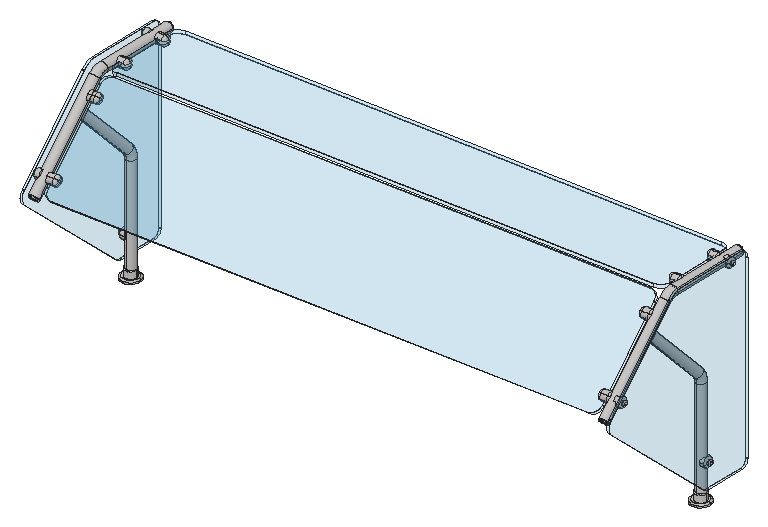
Revit family "QF_ENGLISH_M-120", category Casework, Revit 2018
Family settings
  Work Plane-Based = No
  Always vertical = Yes
  Cut with Voids When Loaded = No
  Shared = No
  Room Calculation Point = No
Parameters
  Weight in Pounds = 0
  URL Cutsheet = ""
  Type Mark [instance] = ""
  Status [instance] = ""
  Specification by User [instance] = ""
  Specification by Manufacturer = ""
  Show Right Glass [instance] = yes
  Show Left Glass [instance] = yes
  Serial Number = ""
  Seismic Rating = ""
  SMACNA No = ""
  Revision Code [instance] = ""
  RS Symbolic [instance] = not(Show Right Glass)  # no
  Omniclass Number and Title = ""
  NAFEM Spec ID Number = ""
  Model = "M-120"
  Masterspec = ""
  Manufacturer = "ENGLISH MFG. INC."
  Length [instance] = 60"
  LS Symbolic [instance] = not(Show Left Glass)  # no
  Item Number [instance] = ""
  Installed By [instance] = ""
  Identify Quantity as Lot [instance] = yes
  H Code [instance] = 22"  # constant formula
  H [instance] = H Code - 1 1/2"  # 20 1/2"
  Glass Thickness [instance] = 3/8"
  Glass Material [instance] = Glass
  Furnished By [instance] = ""
  Foodservice Equipment Identifier [instance] = yes
  Description = "MATRIX SERIES"
  Depth [instance] = 12 197/256"  # constant formula
  CSI MasterFormat = ""
  CSI Master Format = ""
  Assembly Code = ""
Reference planes (in)
  plane 1 "BACK": y = 0
  plane 2: z = 0
  plane 3 "LEFT": x = 0
  plane 4 "RIGHT": x = 60
  plane 5 "FRONT": y = -13
  plane 6 "TOP": z = 22
  plane 7 "Center Y": x = 30
  plane 8 "Center X": y = -6.5
Forms (in)
  Revolve 1, solid, material "QF_Finishes_Stainless Steel"
    sketch origin (0, -6.5, 0) x (1, 0, 0) y (0, 0, 1)
      loop
        line (0, 0) -> (0, 1) -> (-0.53494, 1)
        arc (-0.53494, 1) -> (-0.57913, 0.98169) -> (-0.5975, 0.9375) r 0.0625
        line (-0.5975, 0.9375) -> (-0.5975, 0.25) -> (-0.87489, 0.25)
        arc (-0.87489, 0.25) -> (-0.96328, 0.21339) -> (-1, 0.125) r 0.125
        line (-1, 0.125) -> (-1, 0) -> (0, 0)
      axis (0, 1) -> (0, 0)
    angle from 0 to 360
  Extrusion 2, solid, material "QF_Finishes_Stainless Steel", visible <- "Show Left Glass"
    sketch origin (-0.75, -6.50406, -0.11345) x (0, -1, 0) y (0, 0, 1)
      loop
        circle (-0.00406, 4.11345) r 0.125
      loop
        circle (-3.00477, 21.61345) r 0.125
      loop
        circle (11.24418, 14.66046) r 0.125
    from 0 to 0.375 <- "Glass Thickness"
  Revolve 3, solid, material "QF_Finishes_Stainless Steel"
    sketch origin (75.11626, -6.5, 0) x (1, 0, 0) y (0, 0, 1)
      loop
        line (-15.11626, 0) -> (-15.11626, 1) -> (-15.6512, 1)
        arc (-15.6512, 1) -> (-15.69539, 0.98169) -> (-15.71376, 0.9375) r 0.0625
        line (-15.71376, 0.9375) -> (-15.71376, 0.25) -> (-15.99114, 0.25)
        arc (-15.99114, 0.25) -> (-16.07953, 0.21339) -> (-16.11625, 0.125) r 0.125
        line (-16.11625, 0.125) -> (-16.11625, 0) -> (-15.11626, 0)
      axis (-15.11626, 1) -> (-15.11626, 0)
    angle from 0 to 360
  Extrusion 4, solid, material "Glass" <- "Glass Material", visible <- "Show Left Glass"
    sketch origin (0, 0, 0) x (0, 1, 0) y (0, 0, 1)
      loop
        arc (-10.22386, 22.125) -> (-10.98923, 21.97276) -> (-11.63807, 21.53921) r 2
        line (-11.63807, 21.53921) -> (-19.47443, 13.70286)
        arc (-19.47443, 13.70286) -> (-19.76812, 12.96832) -> (-19.43623, 12.25024) r 1
        line (-19.43623, 12.25024) -> (-7.27088, 1.7432)
        arc (-7.27088, 1.7432) -> (-6.96594, 1.56277) -> (-6.61723, 1.5) r 1
        line (-6.61723, 1.5) -> (-2.19829, 1.5)
        arc (-2.19829, 1.5) -> (-1.70402, 1.70473) -> (-1.49929, 2.19899) r 0.69899
        line (-1.49929, 2.19899) -> (-1.49929, 21.1252)
        arc (-1.49929, 21.1252) -> (-1.79213, 21.83217) -> (-2.49909, 22.125) r 0.9998
        line (-2.49909, 22.125) -> (-10.22386, 22.125)
    from -0.75 to -1
  Extrusion 5, solid, material "Glass" <- "Glass Material"
    sketch origin (0.69887, -17.15752, 14.87256) x (0, -0.707107, -0.707107) y (1, 0, 0)
      loop
        arc (1.52316, 0.05113) -> (2.23027, 0.34403) -> (2.52316, 1.05113) r 1
        line (2.52316, 1.05113) -> (2.52316, 57.55113)
        arc (2.52316, 57.55113) -> (2.23027, 58.25823) -> (1.52316, 58.55113) r 1
        line (1.52316, 58.55113) -> (-8.10184, 58.55113)
        arc (-8.10184, 58.55113) -> (-8.80894, 58.25823) -> (-9.10184, 57.55113) r 1
        line (-9.10184, 57.55113) -> (-9.10184, 1.05113)
        arc (-9.10184, 1.05113) -> (-8.80894, 0.34403) -> (-8.10184, 0.05113) r 1
        line (-8.10184, 0.05113) -> (1.52316, 0.05113)
    from 0 to 0.375 <- "Glass Thickness"
  Extrusion 6, solid, material "Glass" <- "Glass Material", visible <- "Show Right Glass"
    sketch origin (60, 0, 0) x (0, -1, 0) y (0, 0, 1)
      loop
        line (10.22386, 22.125) -> (2.49909, 22.125)
        arc (2.49909, 22.125) -> (1.79213, 21.83217) -> (1.49929, 21.1252) r 0.9998
        line (1.49929, 21.1252) -> (1.49929, 2.19899)
        arc (1.49929, 2.19899) -> (1.70402, 1.70473) -> (2.19829, 1.5) r 0.69899
        line (2.19829, 1.5) -> (6.61723, 1.5)
        arc (6.61723, 1.5) -> (6.96594, 1.56277) -> (7.27088, 1.7432) r 1
        line (7.27088, 1.7432) -> (19.43623, 12.25024)
        arc (19.43623, 12.25024) -> (19.76812, 12.96832) -> (19.47443, 13.70286) r 1
        line (19.47443, 13.70286) -> (11.63807, 21.53921)
        arc (11.63807, 21.53921) -> (10.98923, 21.97276) -> (10.22386, 22.125) r 2
    from -0.75 to -1
  Extrusion 7, solid, material "Glass"
    sketch origin (0, -6.5, 0) x (1, 0, 0) y (0, 1, 0)
      loop
        arc (1.75, 5.00071) -> (1.0429, 4.70781) -> (0.75, 4.00071) r 1
        line (0.75, 4.00071) -> (0.75, -2.99929)
        arc (0.75, -2.99929) -> (1.0429, -3.7064) -> (1.75, -3.99929) r 1
        line (1.75, -3.99929) -> (58.25, -3.99929)
        arc (58.25, -3.99929) -> (58.9571, -3.7064) -> (59.25, -2.99929) r 1
        line (59.25, -2.99929) -> (59.25, 4.00071)
        arc (59.25, 4.00071) -> (58.9571, 4.70781) -> (58.25, 5.00071) r 1
        line (58.25, 5.00071) -> (1.75, 5.00071)
    from 21.3125 to 21.6875
Lines and regions (in)
  symbolic lines
    curve 1: arc (0.5, -6.5, 0) -> (0, -6, 0) -> (-0.5, -6.5, 0) r 0.5
    curve 2: arc (-0.75, -7.16523, 0) -> (-0.63325, -7.2772, 0) -> (-0.5, -7.36893, 0) r 1.00252
    curve 3: arc (0.5, -7.36893, 0) -> (1.00252, -6.5, 0) -> (0.5, -5.63107, 0) r 1.00252
    curve 4: arc (-0.5, -19.26953, 0) -> (0, -19.62308, 0) -> (0.5, -19.26953, 0) r 0.53033
    curve 9: arc (59.5, -6.5, 0) -> (60, -6, 0) -> (60.5, -6.5, 0) r 0.5
    curve 10: arc (60.75, -7.16523, 0) -> (60.63325, -7.2772, 0) -> (60.5, -7.36893, 0) r 1.00252
    curve 13: line (59.5, -6.5, 0) -> (59.5, -9.4559, 0)
    curve 14: line (60.5, -19.26953, 0) -> (60.5, -6.5, 0)
    curve 15: arc (59.5, -7.36893, 0) -> (58.99753, -6.49027, 0) -> (59.51696, -5.62153, 0) r 1.00252
    curve 16: arc (60.5, -19.26953, 0) -> (60, -19.62308, 0) -> (59.5, -19.26953, 0) r 0.53033
    curve 17: line (59.5, -18.24824, 0) -> (59.5, -19.26953, 0)
    curve 18: line (59.5, -12.8568, 0) -> (59.5, -17.8528, 0)
    curve 47: line (0.49809, -11.8568, 0) -> (0.75, -11.8568, 0)
    curve 48: line (0.75, -12.16163, 0) -> (1.23981, -12.16163, 0)
    curve 49: line (0.49809, -12.8568, 0) -> (1.18878, -12.8568, 0)
    curve 50: line (1.49809, -12.4199, 0) -> (1.49809, -12.54749, 0)
    curve 51: arc (1.23981, -12.16163, 0) -> (1.42244, -12.23727, 0) -> (1.49809, -12.4199, 0) r 0.25827
    curve 52: arc (1.18878, -12.8568, 0) -> (1.40749, -12.76621, 0) -> (1.49809, -12.54749, 0) r 0.30931
    curve 53: line (59.50191, -11.8568, 0) -> (59.25, -11.8568, 0)
    curve 54: line (59.25, -12.16163, 0) -> (58.76019, -12.16163, 0)
    curve 55: line (59.5, -12.8568, 0) -> (58.81122, -12.8568, 0)
    curve 56: line (58.50191, -12.4199, 0) -> (58.50191, -12.54749, 0)
    curve 57: arc (58.76019, -12.16163, 0) -> (58.57756, -12.23727, 0) -> (58.50191, -12.4199, 0) r 0.25827
    curve 58: arc (58.81122, -12.8568, 0) -> (58.59251, -12.76621, 0) -> (58.50191, -12.54749, 0) r 0.30931
    curve 59: line (0.49809, -17.24824, 0) -> (0.75, -17.24824, 0)
    curve 60: line (0.75, -17.55307, 0) -> (1.23981, -17.55307, 0)
    curve 61: line (0.49809, -18.24824, 0) -> (1.18878, -18.24824, 0)
    curve 62: line (1.49809, -17.81134, 0) -> (1.49809, -17.93894, 0)
    curve 63: arc (1.23981, -17.55307, 0) -> (1.42244, -17.62872, 0) -> (1.49809, -17.81134, 0) r 0.25827
    curve 64: arc (1.18878, -18.24824, 0) -> (1.40749, -18.15765, 0) -> (1.49809, -17.93894, 0) r 0.30931
    curve 65: line (59.5, -17.24824, 0) -> (59.25, -17.24824, 0)
    curve 66: line (59.25, -17.55307, 0) -> (58.76019, -17.55307, 0)
    curve 67: line (59.5, -18.24824, 0) -> (58.81122, -18.24824, 0)
    curve 68: line (58.50191, -17.81134, 0) -> (58.50191, -17.93894, 0)
    curve 69: arc (58.76019, -17.55307, 0) -> (58.57756, -17.62872, 0) -> (58.50191, -17.81134, 0) r 0.25827
    curve 70: arc (58.81122, -18.24824, 0) -> (58.59251, -18.15765, 0) -> (58.50191, -17.93894, 0) r 0.30931
    curve 75: arc (-0.5, -5.63107, 0) -> (-0.63325, -5.7228, 0) -> (-0.75, -5.83477, 0) r 1.00252
    curve 76: arc (60.5, -5.63107, 0) -> (60.63324, -5.7228, 0) -> (60.75, -5.83477, 0) r 1.00252
  symbolic lines, visible <- "Show Left Glass"
    curve 5: line (-0.75, -2.99719, 0) -> (-0.5, -2.99719, 0)
    curve 6: line (-0.75, -3.99719, 0) -> (-0.5, -3.99719, 0)
    curve 7: line (-0.75, -17.2472, 0) -> (-0.5, -17.2472, 0)
    curve 8: line (-0.75, -18.50125, 0) -> (-0.5, -18.50125, 0)
    curve 21: line (-0.75, -6, 0) -> (-0.5, -6, 0)
    curve 22: line (-0.75, -7, 0) -> (-0.5, -7, 0)
  symbolic lines, visible <- "Show Right Glass"
    curve 11: line (60.5, -6, 0) -> (60.75, -6, 0)
    curve 12: line (60.75, -6.99748, 0) -> (60.5, -6.99748, 0)
    curve 71: line (60.75, -17.24824, 0) -> (60.5, -17.24824, 0)
    curve 72: line (60.75, -18.24824, 0) -> (60.5, -18.24824, 0)
    curve 73: line (60.75, -2.99836, 0) -> (60.5, -2.99836, 0)
    curve 74: line (60.75, -3.99836, 0) -> (60.5, -3.99836, 0)
  symbolic lines, visible <- "LS Symbolic"
    curve 19: arc (-0.75, -5.83477, 0) -> (-1.00252, -6.5, 0) -> (-0.75, -7.16523, 0) r 1.00252
  symbolic lines, visible <- "RS Symbolic"
    curve 20: arc (60.75, -5.83477, 0) -> (61.00252, -6.5, 0) -> (60.75, -7.16523, 0) r 1.00252
  symbolic lines, style "CaseworkHiddenLines"
    curve 23: line (58.25, -1.49929, 0) -> (1.75, -1.49929, 0)
    curve 24: arc (1.75, -1.49929, 0) -> (1.0429, -1.79219, 0) -> (0.75, -2.49929, 0) r 1
    curve 25: line (0.75, -2.49929, 0) -> (0.75, -3.03578, 0)
    curve 26: arc (59.25, -2.49929, 0) -> (58.9571, -1.79219, 0) -> (58.25, -1.49929, 0) r 1
    curve 27: line (59.25, -9.49929, 0) -> (59.25, -8.96281, 0)
    curve 28: arc (58.25, -10.49929, 0) -> (58.9571, -10.2064, 0) -> (59.25, -9.49929, 0) r 1
    curve 29: line (1.75, -10.49929, 0) -> (58.25, -10.49929, 0)
    curve 30: arc (0.75, -9.49929, 0) -> (1.0429, -10.2064, 0) -> (1.75, -10.49929, 0) r 1
    curve 31: spline (1.75, -10.98671, 0) -> (1.61948, -10.99276, 0) -> (1.49118, -11.01081, 0) -> (1.36732, -11.04054, 0) -> (1.25, -11.08145, 0) -> (1.14124, -11.13283, 0) -> (1.0429, -11.19382, 0) -> (0.95665, -11.26336, 0) -> (0.88398, -11.34027, 0) -> (0.82612, -11.42322, 0) -> (0.78408, -11.51081, 0) -> (0.75856, -11.60152, 0) -> (0.75, -11.69382, 0)
    curve 32: line (58.25, -10.98671, 0) -> (1.75, -10.98671, 0)
    curve 33: line (0.75, -11.69382, 0) -> (0.75, -12.16163, 0)
    curve 34: spline (0.75, -18.49972, 0) -> (0.75856, -18.59202, 0) -> (0.78408, -18.68273, 0) -> (0.82612, -18.77032, 0) -> (0.88398, -18.85328, 0) -> (0.95665, -18.93018, 0) -> (1.0429, -18.99972, 0) -> (1.14124, -19.06071, 0) -> (1.25, -19.11209, 0) -> (1.36732, -19.153, 0) -> (1.49118, -19.18273, 0) -> (1.61948, -19.20078, 0) -> (1.75, -19.20683, 0)
    curve 35: line (1.75, -19.20683, 0) -> (58.25, -19.20683, 0)
    curve 36: spline (58.25, -19.20683, 0) -> (58.38052, -19.20078, 0) -> (58.50882, -19.18273, 0) -> (58.63268, -19.153, 0) -> (58.75, -19.11209, 0) -> (58.85876, -19.06071, 0) -> (58.9571, -18.99972, 0) -> (59.04335, -18.93018, 0) -> (59.11602, -18.85328, 0) -> (59.17388, -18.77032, 0) -> (59.21592, -18.68273, 0) -> (59.24144, -18.59202, 0) -> (59.25, -18.49972, 0)
    curve 37: line (59.25, -18.49972, 0) -> (59.25, -18.23456, 0)
    curve 38: spline (59.25, -11.69382, 0) -> (59.24144, -11.60152, 0) -> (59.21592, -11.51081, 0) -> (59.17388, -11.42322, 0) -> (59.11602, -11.34027, 0) -> (59.04335, -11.26336, 0) -> (58.9571, -11.19382, 0) -> (58.85876, -11.13283, 0) -> (58.75, -11.08145, 0) -> (58.63268, -11.04054, 0) -> (58.50882, -11.01081, 0) -> (58.38052, -10.99276, 0) -> (58.25, -10.98671, 0)
    curve 39: line (59.25, -12.16163, 0) -> (59.25, -11.69382, 0)
    curve 40: line (59.25, -17.55307, 0) -> (59.25, -12.8568, 0)
    curve 41: line (0.75, -12.8568, 0) -> (0.75, -17.55307, 0)
    curve 42: line (0.75, -18.24824, 0) -> (0.75, -18.49972, 0)
    curve 43: line (0.75, -8.96281, 0) -> (0.75, -9.49929, 0)
    curve 44: line (0.75, -3.96281, 0) -> (0.75, -8.03578, 0)
    curve 45: line (59.25, -3.03578, 0) -> (59.25, -2.49929, 0)
    curve 46: line (59.25, -8.03578, 0) -> (59.25, -3.96281, 0)
Dimensions and locks (in)
  equal spacing: plane 3 "LEFT", plane 7 "Center Y", plane 4 "RIGHT"
  "Length": plane 3 "LEFT" to plane 4 "RIGHT"
  equal spacing: plane 5 "FRONT", plane 8 "Center X", plane 1 "BACK"
  plane 5 "FRONT" to plane 1 "BACK" = 13"  (x2)
  "H Code": plane 6 "TOP" to level
  aligned and locked: level to plane 2
  aligned and locked: plane 3 "LEFT" to nested 2
  aligned and locked: nested 3 to plane 4 "RIGHT"
  aligned and locked: nested 4 to plane 4 "RIGHT"
  aligned and locked: nested 4 to plane 8 "Center X"
  aligned and locked: nested 6 to plane 4 "RIGHT"
  aligned and locked: nested 5 to plane 4 "RIGHT"
Automatic sketch dimensions
  curve 1 to curve 2 = 0"  (x2)
  curve 1 to curve 3 = 0"  (x2)
  curve 1 to curve 19 = 0"  (x2)
  curve 1 to curve 75 = 0"  (x2)
  curve 9 to curve 10 = 0"  (x2)
  curve 9 to curve 15 = 0"  (x2)
  curve 9 to curve 20 = 0"  (x2)
  curve 9 to curve 76 = 0"  (x2)
  curve 75 to plane 3 "LEFT" = 0"
  curve 15 to plane 4 "RIGHT" = 0"
  curve 4 to plane 3 "LEFT" = 0"
  plane 3 "LEFT" to curve 64 = 1.18878"
  plane 3 "LEFT" to curve 52 = 1.18878"
  curve 64 to curve 63 = 0.05103"
  curve 52 to curve 51 = 0.05103"
  plane 3 "LEFT" to curve 30 = 1 3/4"
  plane 3 "LEFT" to curve 24 = 1 3/4"
  plane 4 "RIGHT" to curve 26 = 1 3/4"
  plane 4 "RIGHT" to curve 28 = 1 3/4"
  plane 4 "RIGHT" to curve 69 = 1.23981"
  curve 57 to curve 58 = 0.05103"
  curve 69 to curve 70 = 0.05103"
  curve 16 to plane 4 "RIGHT" = 0"
  plane 5 "FRONT" to curve 16 = 6.09275"
  curve 4 to curve 64 = 1.15382"
  curve 16 to curve 70 = 1.15382"
  curve 70 to curve 69 = 0.12759"
  curve 64 to curve 63 = 0.12759"
  curve 63 to curve 52 = 5.26385"
  curve 69 to curve 58 = 5.26385"
  curve 52 to curve 51 = 0.12759"
  curve 58 to curve 57 = 0.12759"
  curve 51 to curve 30 = 2.92061"
  curve 57 to curve 28 = 2.92061"
  curve 28 to curve 76 = 2.99929"
  curve 30 to curve 75 = 2.99929"
  curve 1 to curve 24 = 4.00071"
  curve 1 to plane 3 "LEFT" = 1/2"
  curve 8 to plane 3 "LEFT" = 1/2"
  curve 7 to plane 3 "LEFT" = 1/2"
  curve 22 to curve 1 = 0"
  curve 6 to plane 3 "LEFT" = 1/2"
  curve 75 to plane 3 "LEFT" = 1/2"
  curve 5 to plane 3 "LEFT" = 1/2"
  curve 21 to curve 75 = 0"
  curve 2 to curve 22 = 0"
  curve 4 to plane 3 "LEFT" = 1/2"
  curve 21 to curve 21 = 1/4"
  curve 19 to curve 22 = 1/4"
  curve 19 to curve 21 = 0"
  curve 6 to curve 6 = 1/4"
  curve 7 to curve 7 = 1/4"
  curve 8 to curve 8 = 1/4"
  curve 22 to curve 19 = 0"
  curve 5 to curve 5 = 1/4"
  plane 3 "LEFT" to curve 61 = 0.49809"
  plane 3 "LEFT" to curve 47 = 0.49809"
  plane 3 "LEFT" to curve 59 = 0.49809"
  plane 3 "LEFT" to curve 49 = 0.49809"
  plane 3 "LEFT" to curve 3 = 1/2"  (x2)
  plane 3 "LEFT" to curve 4 = 1/2"
  curve 61 to curve 42 = 0.25192"
  plane 3 "LEFT" to curve 43 = 3/4"
  plane 3 "LEFT" to curve 44 = 3/4"
  curve 47 to curve 48 = 0.25192"
  plane 3 "LEFT" to curve 25 = 3/4"
  curve 59 to curve 59 = 0.25192"
  curve 63 to curve 64 = 0.25827"
  curve 51 to curve 50 = 0.25827"
  curve 48 to curve 31 = 0.51019"
  curve 62 to curve 34 = 0.25192"
  curve 36 to curve 70 = 0.56122"
  curve 38 to curve 57 = 0.51019"
  curve 58 to curve 57 = 0.25827"
  curve 68 to curve 69 = 0.25827"
  curve 66 to curve 66 = 0.48981"
  curve 70 to curve 36 = 0.43878"
  plane 4 "RIGHT" to curve 26 = 3/4"
  plane 4 "RIGHT" to curve 46 = 3/4"
  curve 54 to curve 53 = 0.48981"
  curve 55 to curve 40 = 0.43878"
  curve 27 to curve 13 = 1/4"
  curve 40 to curve 18 = 1/4"
  plane 4 "RIGHT" to curve 17 = 1/2"
  curve 53 to curve 53 = 0.25192"
  plane 4 "RIGHT" to curve 15 = 0.48304"
  curve 74 to plane 4 "RIGHT" = 1/2"
  curve 76 to plane 4 "RIGHT" = 1/2"
  curve 73 to plane 4 "RIGHT" = 1/2"
  curve 76 to curve 11 = 0"
  curve 9 to curve 14 = 0"  (x2)
  curve 72 to curve 72 = 1/4"
  curve 74 to curve 74 = 1/4"
  curve 73 to curve 73 = 1/4"
  curve 12 to curve 20 = 1/4"
  curve 11 to curve 11 = 1/4"
  curve 12 to curve 20 = 0"
  curve 20 to curve 11 = 0"
  curve 71 to curve 71 = 1/4"
  curve 35 to curve 64 = 0.95859"
  curve 4 to curve 4 = 0.17678"
  curve 14 to curve 16 = 0.17678"
  curve 17 to curve 16 = 0.17678"
  curve 4 to curve 8 = 0.76828"
  curve 37 to curve 70 = 0.25148"
  curve 16 to curve 72 = 0.84451"
  curve 34 to curve 42 = 0.25148"
  curve 17 to curve 37 = 0.01368"
  curve 18 to curve 66 = 0.29973"
  curve 72 to curve 71 = 1"
  curve 60 to curve 59 = 0.30483"
  curve 40 to curve 65 = 0.30483"
  curve 59 to curve 7 = 0.00104"
  curve 48 to curve 47 = 0.30483"
  curve 39 to curve 53 = 0.30483"
  curve 53 to curve 38 = 0.16298"
  curve 51 to curve 31 = 0.72608"
  curve 38 to curve 28 = 0.48742"
  curve 27 to curve 13 = 0.04339"
  curve 27 to curve 27 = 0.53649"
  curve 43 to curve 43 = 0.53649"
  curve 43 to curve 44 = 0.92703"
  curve 27 to curve 46 = 0.92703"
  curve 44 to curve 3 = 0.66685"
  curve 46 to curve 15 = 0.66685"
  curve 10 to curve 9 = 0.86893"
  curve 2 to curve 1 = 0.86893"
  curve 2 to curve 22 = 0.16523"
  curve 20 to curve 12 = 0.16775"
  curve 21 to curve 19 = 0.16523"
  curve 11 to curve 20 = 0.16523"
  curve 76 to curve 74 = 1.63271"
  curve 75 to curve 6 = 1.63388"
  curve 6 to curve 44 = 0.03438"
  curve 74 to curve 46 = 0.03556"
  curve 45 to curve 26 = 0.53649"
  curve 25 to curve 24 = 0.53649"
  curve 74 to curve 73 = 1"
  curve 6 to curve 5 = 1"
  Revolve 1 sketch curve to level = 0"
  Revolve 1 sketch curve to plane 3 "LEFT" = 0"  (x2)
  Revolve 1 sketch curve to Revolve 1 sketch curve = 0.53494"
  level to Revolve 1 sketch curve = 1/4"
  Revolve 1 sketch curve to plane 3 "LEFT" = 0.5975"
  Revolve 1 sketch curve to Revolve 1 sketch curve = 0.27739"
  Revolve 1 sketch curve to Revolve 1 sketch curve = 0.12511"
  level to Revolve 1 sketch curve = 1/8"
  Revolve 1 sketch curve to Revolve 1 sketch curve = 11/16"
  Revolve 1 sketch curve to Revolve 1 sketch curve = 1/16"
  Revolve 1 sketch curve to Revolve 1 sketch curve = 1/4"
  Revolve 1 sketch curve to Revolve 1 sketch curve = 0"  (x3)
  Revolve 3 sketch curve to level = 0"
  plane 4 "RIGHT" to Revolve 3 sketch curve = 0"  (x2)
  Revolve 3 sketch curve to Revolve 3 sketch curve = 0.53494"
  level to Revolve 3 sketch curve = 1/4"
  plane 4 "RIGHT" to Revolve 3 sketch curve = 0.5975"
  Revolve 3 sketch curve to Revolve 3 sketch curve = 0.27739"
  Revolve 3 sketch curve to Revolve 3 sketch curve = 0.12511"
  level to Revolve 3 sketch curve = 1/8"
  Revolve 3 sketch curve to Revolve 3 sketch curve = 11/16"
  Revolve 3 sketch curve to Revolve 3 sketch curve = 1/16"
  Revolve 3 sketch curve to Revolve 3 sketch curve = 1/4"
  Revolve 3 sketch curve to Revolve 3 sketch curve = 0"  (x3)
  plane 3 "LEFT" to Extrusion 5 sketch curve = 1 3/4"
  Extrusion 5 sketch curve to Extrusion 5 sketch curve = 1"  (x3)
  plane 4 "RIGHT" to Extrusion 5 sketch curve = 3/4"
  plane 4 "RIGHT" to Extrusion 5 sketch curve = 1 3/4"
  Extrusion 5 sketch curve to Extrusion 5 sketch curve = 9 5/8"
  plane 3 "LEFT" to Extrusion 7 sketch curve = 3/4"
  Extrusion 7 sketch curve to Extrusion 7 sketch curve = 1"  (x2)
  plane 4 "RIGHT" to Extrusion 7 sketch curve = 1 3/4"  (x2)
  plane 4 "RIGHT" to Extrusion 7 sketch curve = 3/4"
  Extrusion 7 sketch curve to plane 5 "FRONT" = 2.50071"
  Extrusion 7 sketch curve to Extrusion 7 sketch curve = 7"
  plane 1 "BACK" to Extrusion 6 sketch curve = 1.49929"
  Extrusion 6 sketch curve to Extrusion 6 sketch curve = 0.69899"
  Extrusion 6 sketch curve to Extrusion 6 sketch curve = 0.9998"
  Extrusion 6 sketch curve to plane 8 "Center X" = 0.11723"
  Extrusion 6 sketch curve to Extrusion 6 sketch curve = 0.65364"
  plane 6 "TOP" to Extrusion 6 sketch curve = 1/8"
  Extrusion 6 sketch curve to plane 5 "FRONT" = 2.77614"
  Extrusion 6 sketch curve to plane 6 "TOP" = 0.46079"
  Extrusion 6 sketch curve to plane 5 "FRONT" = 1.36193"
  plane 5 "FRONT" to Extrusion 6 sketch curve = 5.76846"
  Extrusion 6 sketch curve to Extrusion 6 sketch curve = 0.66776"
  Extrusion 6 sketch curve to Extrusion 6 sketch curve = 0.70596"
  Extrusion 6 sketch curve to plane 6 "TOP" = 8.29714"
  Extrusion 6 sketch curve to Extrusion 6 sketch curve = 0.70825"
  level to Extrusion 6 sketch curve = 2 1/2"
  level to Extrusion 6 sketch curve = 2.19899"
  plane 5 "FRONT" to Extrusion 4 sketch curve = 6.47443"
  Extrusion 4 sketch curve to Extrusion 4 sketch curve = 0.0382"
  Extrusion 4 sketch curve to Extrusion 4 sketch curve = 0.70596"
  Extrusion 4 sketch curve to plane 6 "TOP" = 0.46079"
  Extrusion 4 sketch curve to plane 5 "FRONT" = 1.36193"
  Extrusion 4 sketch curve to Extrusion 4 sketch curve = 1.41421"
  Extrusion 4 sketch curve to plane 8 "Center X" = 0.77088"
  Extrusion 4 sketch curve to plane 8 "Center X" = 0.11723"
  plane 6 "TOP" to Extrusion 4 sketch curve = 1/8"
  plane 1 "BACK" to Extrusion 4 sketch curve = 2.49909"
  plane 1 "BACK" to Extrusion 4 sketch curve = 2.19829"
  Extrusion 4 sketch curve to plane 6 "TOP" = 0.8748"
  Extrusion 4 sketch curve to plane 6 "TOP" = 8.29714"
  Extrusion 4 sketch curve to Extrusion 4 sketch curve = 0.70825"
  level to Extrusion 4 sketch curve = 2 1/2"
  level to Extrusion 4 sketch curve = 2.19899"
  Extrusion 2 sketch curve to plane 8 "Center X" = 0"
  Extrusion 2 sketch curve to plane 6 "TOP" = 1/2"
  plane 8 "Center X" to Extrusion 2 sketch curve = 3.00071"
  plane 5 "FRONT" to Extrusion 2 sketch curve = 4.74824"
  Extrusion 2 sketch curve to plane 6 "TOP" = 7.453"
  level to Extrusion 2 sketch curve = 4"
  radius of Extrusion 2 sketch curve = 1/8"  (x3)
Nested families (in)
  nested 1: "M-120" at (0.37309, -28.18571, 14.547), Glass Thickness <- "Glass Thickness", type "M-120"
    with Type Mark "", Status "", Specification by User "", Revision Code "", Item Number "", Installed By "", Identify Quantity as Lot yes, H 13 1/4", Glass Thickness 3/8", Furnished By "", Foodservice Equipment Identifier yes, Angle 45.00°
  nested 2: "M-120_Support" at (0, -6.5, 0), type "M-120_Support"
    with Glass Thickness 3/8"
  nested 3: "M-120_Support" at (60, -6.5, 0) x (-1, 0, 0) z (0, 0, 1), type "M-120_Support"
    with Glass Thickness 3/8"
  nested 4: "Glass Clip" at (60, -6.5, 4), type "Glass Clip"
  nested 5: "Glass Clip" at (60, -3.49929, 21.5), type "Glass Clip"
  nested 6: "Glass Clip" at (60, -17.74824, 14.547), type "Glass Clip"
  nested 7: "Glass Clip" at (0, -6.5, 4) x (-1, 0, 0) z (0, 0, 1), type "Glass Clip"
  nested 8: "Glass Clip" at (0, -3.49929, 21.5) x (-1, 0, 0) z (0, 0, 1), type "Glass Clip"
  nested 9: "Glass Clip" at (0, -17.74824, 14.547) x (-1, 0, 0) z (0, 0, 1), type "Glass Clip"
Definition of nested family "M-120"
  Parameters (values of type "M-120")
    Weight in Pounds = 0
    URL Cutsheet = ""
    Type Mark [instance] = ""
    Status [instance] = ""
    Specification by User [instance] = ""
    Specification by Manufacturer = ""
    Serial Number = ""
    Seismic Rating = ""
    SMACNA No = ""
    Revision Code [instance] = ""
    Omniclass Number and Title = ""
    NAFEM Spec ID Number = ""
    Masterspec = ""
    Item Number [instance] = ""
    Installed By [instance] = ""
    Identify Quantity as Lot [instance] = yes
    H [instance] = 13 1/4"
    Glass Thickness [instance] = 3/8"
    Furnished By [instance] = ""
    Foodservice Equipment Identifier [instance] = yes
    CSI MasterFormat = ""
    CSI Master Format = ""
    Assembly Code = ""
    Angle [instance] = 0.00°
  Reference planes (in)
    plane 1 "BACK": y = 0
    plane 2: z = 0
    plane 3 "LEFT": x = -0.01953
    plane 4 "RIGHT": x = 1.125
    plane 5 "FRONT": y = -1
    plane 6 "TOP": z = 16.5
    plane 7 "Center Y": x = 0.55273
    plane 8 "Center X": y = -0.5
    plane 9: y = 0
    plane 10: y = -1
    plane 11: x = -0.35356
  Forms (in)
    Extrusion 1, void
      sketch origin (0.55273, -0.5, 0) x (0, 0, 1) y (0, 1, 0)
        loop
          line (1.07736, -0.1875) -> (1.07736, 0.1875) -> (-16.60314, 0.1875) -> (-16.60314, -0.1875) -> (1.07736, -0.1875)
      from -0.57227 to 0.19336
    Revolve 2, solid
      sketch origin (0.55273, -0.5, 0) x (1, 0, 0) y (0, 1, 0)
        loop
          arc (0.27227, -0.5) -> (0.4844, -0.41213) -> (0.57227, -0.2) r 0.3
          line (0.57227, -0.2) -> (0.57227, 0) -> (-0.60303, 0) -> (-0.60303, -0.32471) -> (-0.42773, -0.5) -> (0.27227, -0.5)
        axis (-0.60303, 0) -> (0.57227, 0)
      angle from 0 to 360
  Cuts and joins
    Extrusion 1 cuts Revolve 2
  Lines and regions (in)
    reference lines
      curve 1: line (0.55273, -0.5, 0) -> (0.55273, -0.5, -15.46791)
  Dimensions and locks (in)
    equal spacing: plane 3 "LEFT", plane 7 "Center Y", plane 4 "RIGHT"
    plane 3 "LEFT" to plane 4 "RIGHT" = 1 37/256"  (x2)
    equal spacing: plane 5 "FRONT", plane 8 "Center X", plane 1 "BACK"
    plane 5 "FRONT" to plane 1 "BACK" = 1"
    "Glass Thickness": Extrusion 1 sketch curve to Extrusion 1 sketch curve
    locked: Extrusion 1 sketch curve to curve 1 at 1.13523
    locked: Extrusion 1 sketch curve to curve 1 at 1.07736
    "Angle": angle curve 1 to plane 8 "Center X"
    aligned and locked: level to plane 2
    aligned: Extrusion 1 to level
    aligned and locked: plane 2 to curve 1
  Automatic sketch dimensions
    Revolve 2 sketch curve to plane 3 "LEFT" = 0.03076"
    Revolve 2 sketch curve to plane 3 "LEFT" = 0"
    plane 5 "FRONT" to Revolve 2 sketch curve = 0"
    Revolve 2 sketch curve to plane 4 "RIGHT" = 0"
    Revolve 2 sketch curve to plane 5 "FRONT" = 0.17529"
    Revolve 2 sketch curve to Revolve 2 sketch curve = 0.17529"
    Revolve 2 sketch curve to plane 8 "Center X" = 0.2"
    plane 8 "Center X" to Revolve 2 sketch curve = 0"  (x2)
    Revolve 2 sketch curve to Revolve 2 sketch curve = 0.20247"
    Extrusion 1 sketch curve to curve 1 = 3/16"
    curve 1 to plane 8 "Center X" = 0"
Definition of nested family "M-120_Support"
  Parameters (values of type "M-120_Support")
    Glass Thickness [instance] = 3/8"
  Reference planes (in)
    plane 1 "BACK": y = 0
    plane 2: z = 0
    plane 3 "LEFT": x = 0
  Forms (in)
    Sweep 1, solid
      path origin (0, 0, 0) x (0, 1, 0) y (0, 0, 1)
        loop
          line (0, 0) -> (0, 11.35908)
          arc (0, 11.35908) -> (-0.11418, 11.9331) -> (-0.43934, 12.41974) r 1.5
          line (-0.43934, 12.41974) -> (-6.67362, 18.65401)
      profile origin (0, 0, 5.67954) x (0, -1, 0) y (1, 0, 0)
        loop
          circle (0, 0) r 0.5
    Revolve 2, solid
      sketch origin (0, 0, 0) x (0, 1, 0) y (0, 0, 1)
        loop
          line (-13.06105, 13.35291) -> (-12.75169, 13.04355) -> (-12.6633, 13.13194) -> (-12.97266, 13.4413)
          arc (-12.97266, 13.4413) -> (-13.06105, 13.4413) -> (-13.06105, 13.35291) r 0.0625
        axis (-12.75169, 13.04355) -> (-12.6633, 13.13194)
      angle from 0 to 360
    Sweep 3, solid
      path origin (0, 0, 0) x (0, 1, 0) y (0, 0, 1)
        loop
          line (4.87571, 21.5) -> (-3.67208, 21.5)
          arc (-3.67208, 21.5) -> (-4.24611, 21.38582) -> (-4.73274, 21.06066) r 1.5
          line (-4.73274, 21.06066) -> (-12.66238, 13.13102)
      profile origin (0, 0.60181, 21.5) x (0, 0, -1) y (1, 0, 0)
        loop
          circle (0, 0) r 0.5
    Revolve 4, solid
      sketch origin (0, 0, 0) x (0, 1, 0) y (0, 0, 1)
        loop
          line (4.87571, 21.5) -> (4.87571, 21.0625)
          arc (4.87571, 21.0625) -> (4.93821, 21) -> (5.00071, 21.0625) r 0.0625
          line (5.00071, 21.0625) -> (5.00071, 21.5) -> (4.87571, 21.5)
        axis (4.87571, 21.5) -> (5.00071, 21.5)
      angle from 0 to 360
  Dimensions and locks (in)
    aligned and locked: level to plane 2
  Nested families (in)
    nested 1: "M-120" at (0.37309, -21.68571, 14.547), Glass Thickness <- "Glass Thickness", type "M-120"
      with Type Mark "", Status "", Specification by User "", Revision Code "", Item Number "", Installed By "", Identify Quantity as Lot yes, H 13 1/4", Glass Thickness 3/8", Furnished By "", Foodservice Equipment Identifier yes, Angle 45.00°
    nested 2: "M-120" at (0.37309, -16.29426, 19.93845), Glass Thickness <- "Glass Thickness", type "M-120"
      with Type Mark "", Status "", Specification by User "", Revision Code "", Item Number "", Installed By "", Identify Quantity as Lot yes, H 13 1/4", Glass Thickness 3/8", Furnished By "", Foodservice Equipment Identifier yes, Angle 45.00°
    nested 3: "M-125" at (0.37309, -11.96721, 21.5), Glass Thickness <- "Glass Thickness", type "M-125"
      with Type Mark "", Status "", Specification by User "", Revision Code "", Item Number "", Installed By "", Identify Quantity as Lot yes, H 13 1/4", Glass Thickness 3/8", Furnished By "", Foodservice Equipment Identifier yes, Angle 90.00°
    nested 4: "M-125" at (0.37309, -16.96721, 21.5), Glass Thickness <- "Glass Thickness", type "M-125"
      with Type Mark "", Status "", Specification by User "", Revision Code "", Item Number "", Installed By "", Identify Quantity as Lot yes, H 13 1/4", Glass Thickness 3/8", Furnished By "", Foodservice Equipment Identifier yes, Angle 90.00°
  Definition of nested family "M-120"
    Parameters (values of type "M-120")
      Weight in Pounds = 0
      URL Cutsheet = ""
      Type Mark [instance] = ""
      Status [instance] = ""
      Specification by User [instance] = ""
      Specification by Manufacturer = ""
      Serial Number = ""
      Seismic Rating = ""
      SMACNA No = ""
      Revision Code [instance] = ""
      Omniclass Number and Title = ""
      NAFEM Spec ID Number = ""
      Masterspec = ""
      Item Number [instance] = ""
      Installed By [instance] = ""
      Identify Quantity as Lot [instance] = yes
      H [instance] = 13 1/4"
      Glass Thickness [instance] = 3/8"
      Furnished By [instance] = ""
      Foodservice Equipment Identifier [instance] = yes
      CSI MasterFormat = ""
      CSI Master Format = ""
      Assembly Code = ""
      Angle [instance] = 0.00°
    Reference planes (in)
      plane 1 "BACK": y = 0
      plane 2: z = 0
      plane 3 "LEFT": x = -0.01953
      plane 4 "RIGHT": x = 1.125
      plane 5 "FRONT": y = -1
      plane 6 "TOP": z = 16.5
      plane 7 "Center Y": x = 0.55273
      plane 8 "Center X": y = -0.5
      plane 9: y = 0
      plane 10: y = -1
      plane 11: x = -0.35356
    Forms (in)
      Extrusion 1, void
        sketch origin (0.55273, -0.5, 0) x (0, 0, 1) y (0, 1, 0)
          loop
            line (1.07736, -0.1875) -> (1.07736, 0.1875) -> (-16.60314, 0.1875) -> (-16.60314, -0.1875) -> (1.07736, -0.1875)
        from -0.57227 to 0.19336
      Revolve 2, solid
        sketch origin (0.55273, -0.5, 0) x (1, 0, 0) y (0, 1, 0)
          loop
            arc (0.27227, -0.5) -> (0.4844, -0.41213) -> (0.57227, -0.2) r 0.3
            line (0.57227, -0.2) -> (0.57227, 0) -> (-0.60303, 0) -> (-0.60303, -0.32471) -> (-0.42773, -0.5) -> (0.27227, -0.5)
          axis (-0.60303, 0) -> (0.57227, 0)
        angle from 0 to 360
    Cuts and joins
      Extrusion 1 cuts Revolve 2
    Lines and regions (in)
      reference lines
        curve 1: line (0.55273, -0.5, 0) -> (0.55273, -0.5, -15.46791)
    Dimensions and locks (in)
      equal spacing: plane 3 "LEFT", plane 7 "Center Y", plane 4 "RIGHT"
      plane 3 "LEFT" to plane 4 "RIGHT" = 1 37/256"  (x2)
      equal spacing: plane 5 "FRONT", plane 8 "Center X", plane 1 "BACK"
      plane 5 "FRONT" to plane 1 "BACK" = 1"
      "Glass Thickness": Extrusion 1 sketch curve to Extrusion 1 sketch curve
      locked: Extrusion 1 sketch curve to curve 1 at 1.13523
      locked: Extrusion 1 sketch curve to curve 1 at 1.07736
      "Angle": angle curve 1 to plane 8 "Center X"
      aligned and locked: level to plane 2
      aligned: Extrusion 1 to level
      aligned and locked: plane 2 to curve 1
    Automatic sketch dimensions
      Revolve 2 sketch curve to plane 3 "LEFT" = 0.03076"
      Revolve 2 sketch curve to plane 3 "LEFT" = 0"
      plane 5 "FRONT" to Revolve 2 sketch curve = 0"
      Revolve 2 sketch curve to plane 4 "RIGHT" = 0"
      Revolve 2 sketch curve to plane 5 "FRONT" = 0.17529"
      Revolve 2 sketch curve to Revolve 2 sketch curve = 0.17529"
      Revolve 2 sketch curve to plane 8 "Center X" = 0.2"
      plane 8 "Center X" to Revolve 2 sketch curve = 0"  (x2)
      Revolve 2 sketch curve to Revolve 2 sketch curve = 0.20247"
      Extrusion 1 sketch curve to curve 1 = 3/16"
      curve 1 to plane 8 "Center X" = 0"
  Definition of nested family "M-125"
    Parameters (values of type "M-125")
      Weight in Pounds = 0
      URL Cutsheet = ""
      Type Mark [instance] = ""
      Status [instance] = ""
      Specification by User [instance] = ""
      Specification by Manufacturer = ""
      Serial Number = ""
      Seismic Rating = ""
      SMACNA No = ""
      Revision Code [instance] = ""
      Omniclass Number and Title = ""
      NAFEM Spec ID Number = ""
      Masterspec = ""
      Item Number [instance] = ""
      Installed By [instance] = ""
      Identify Quantity as Lot [instance] = yes
      H [instance] = 13 1/4"
      Glass Thickness [instance] = 3/8"
      Furnished By [instance] = ""
      Foodservice Equipment Identifier [instance] = yes
      CSI MasterFormat = ""
      CSI Master Format = ""
      Assembly Code = ""
      Angle [instance] = 0.00°
    Reference planes (in)
      plane 1 "BACK": y = 0
      plane 2: z = 0
      plane 3 "LEFT": x = -0.01953
      plane 4 "RIGHT": x = 1.125
      plane 5 "FRONT": y = -1
      plane 6 "TOP": z = 16.5
      plane 7 "Center Y": x = 0.55273
      plane 8 "Center X": y = -0.5
      plane 9: y = 0
      plane 10: y = -1
      plane 11: x = -0.35356
    Forms (in)
      Extrusion 1, void
        sketch origin (0.55273, -0.5, 0) x (0, 0, 1) y (0, 1, 0)
          loop
            line (1.07736, -0.1875) -> (1.07736, 0.1875) -> (-16.60314, 0.1875) -> (-16.60314, -0.1875) -> (1.07736, -0.1875)
        from -0.57227 to 0.19336
      Revolve 2, solid
        sketch origin (0.55273, -0.5, 0) x (1, 0, 0) y (0, 1, 0)
          loop
            arc (0.27227, -0.5) -> (0.4844, -0.41213) -> (0.57227, -0.2) r 0.3
            line (0.57227, -0.2) -> (0.57227, 0) -> (-0.57227, 0) -> (-0.57227, -0.35547) -> (-0.42773, -0.5) -> (0.27227, -0.5)
          axis (-0.57227, 0) -> (0.57227, 0)
        angle from 0 to 360
    Cuts and joins
      Extrusion 1 cuts Revolve 2
    Lines and regions (in)
      reference lines
        curve 1: line (0.55273, -0.5, 0) -> (0.55273, -0.5, -15.46791)
    Dimensions and locks (in)
      equal spacing: plane 3 "LEFT", plane 7 "Center Y", plane 4 "RIGHT"
      plane 3 "LEFT" to plane 4 "RIGHT" = 1 37/256"  (x2)
      equal spacing: plane 5 "FRONT", plane 8 "Center X", plane 1 "BACK"
      plane 5 "FRONT" to plane 1 "BACK" = 1"
      "Glass Thickness": Extrusion 1 sketch curve to Extrusion 1 sketch curve
      locked: Extrusion 1 sketch curve to curve 1 at 1.13523
      locked: Extrusion 1 sketch curve to curve 1 at 1.07736
      "Angle": angle curve 1 to plane 8 "Center X"
      aligned and locked: level to plane 2
      aligned: Extrusion 1 to level
      aligned and locked: plane 2 to curve 1
    Automatic sketch dimensions
      Revolve 2 sketch curve to plane 3 "LEFT" = 0"  (x2)
      plane 5 "FRONT" to Revolve 2 sketch curve = 0"
      Revolve 2 sketch curve to plane 4 "RIGHT" = 0"
      Revolve 2 sketch curve to plane 5 "FRONT" = 37/256"
      Revolve 2 sketch curve to Revolve 2 sketch curve = 37/256"
      Revolve 2 sketch curve to plane 8 "Center X" = 0.2"
      plane 8 "Center X" to Revolve 2 sketch curve = 0"  (x2)
      Revolve 2 sketch curve to Revolve 2 sketch curve = 0.20247"
      Extrusion 1 sketch curve to curve 1 = 3/16"
      curve 1 to plane 8 "Center X" = 0"
Definition of nested family "Glass Clip"
  Reference planes (in)
    plane 1 "Center X": y = 0
    plane 2: z = 0
    plane 3 "Center Y": x = 0
  Forms (in)
    Extrusion 1, solid
      sketch origin (0, 0, 0) x (0, 1, 0) y (0, 0, 1)
        loop
          circle (0, 0) r 0.5
      from 0.75 to 0.25
    Extrusion 2, solid
      sketch origin (0, 0, 0) x (0, 1, 0) y (0, 0, 1)
        loop
          circle (0, 0) r 0.1875
      from 1 to 0.75
    Revolve 3, solid
      sketch origin (0, 0, 0) x (1, 0, 0) y (0, 0, 1)
        loop
          line (1.09375, 0) -> (1.09375, -0.09375) -> (1.125, -0.09375)
          arc (1.125, -0.09375) -> (1.16919, -0.07544) -> (1.1875, -0.03125) r 0.0625
          line (1.1875, -0.03125) -> (1.1875, 0) -> (1.09375, 0)
        axis (1.09375, 0) -> (1.1875, 0)
      angle from 0 to 360
    Extrusion 4, solid
      sketch origin (0, 0, 0) x (0, 1, 0) y (0, 0, 1)
        loop
          circle (0, 0) r 0.25
      from 1 to 1.03125
    Extrusion 5, solid
      sketch origin (0, 0, 0) x (0, 1, 0) y (0, 0, 1)
        loop
          line (0, 0.10983) -> (-0.09512, 0.05492) -> (-0.09512, -0.05492) -> (0, -0.10983) -> (0.09512, -0.05492) -> (0.09512, 0.05492) -> (0, 0.10983)
      from 1.03125 to 1.09375
  Lines and regions (in)
    symbolic lines
      curve 1: line (0, 0.02729, 0) -> (0, -0.0422, 0)
  Dimensions and locks (in)
    aligned and locked: level to plane 2
